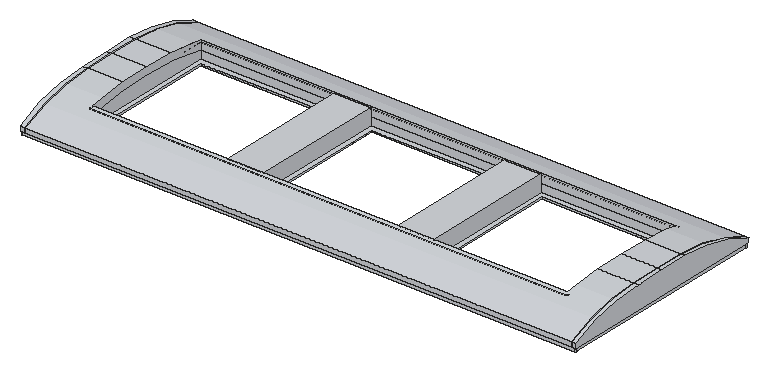
Revit family "Gira_021306", category Electrical Fixtures, host Face, Revit 2017
Family settings
  Host = Face
  Maintain Annotation Orientation = No
  Round Connector Dimension = Use Diameter
  Part Type = Normal
  Cut with Voids When Loaded = No
  Shared = No
  Room Calculation Point = No
Parameters (values of type "Abdeckrahmen 3f Zwischenr. AN Gira Event F Alu")
  Werkstoffgüte = "Thermoplast"
  Werkstoff = "Kunststoff"
  URL = "http://katalog.gira.de/de_DE/datenblatt.html?artikelnr=021306"
  Transparent = "No"
  Textfeld/Beschriftungsfläche = "No"
  Schutzart (IP) = "IP20"
  Region = "DE"
  Oberfläche = "sonstige"
  Name = "Abdeckrahmen 3f Zwischenr. AN Gira Event F Alu"
  Montagerichtung = "horizontal und vertikal"
  Mit Montagerahmen = "No"
  Mit Klappdeckel = "No"
  Manufacturer URL = "https://www.gira.de/"
  Keynote = "Event_Rahmen_3fach"
  HeinzeBIM = "https://bimportal.heinze.de/bim/abdeckrahmen-3f-zwischenr-an-gira-event-f-alu/6c206e92bb94403de46b9b1f09e1f386b4d53b2b"
  Halogenfrei = "Yes"
  HAN = "021306"
  Geeignet für Unterputz-Installation = "Yes"
  Geeignet für Unterflurkanaldose = "No"
  Geeignet für Geräteeinbaukanal = "No"
  Geeignet für Einbauinstallation = "No"
  GTIN = "4010337213062"
  Farbe = "aluminium"
  Default Elevation = 1219.2 mm
  Data sheet (1) = "https://katalog.gira.de/de_DE/download.html?artikelnr=021306"
  Category = "Abdeckrahmen"
  Befestigungsart = "Klemmbefestigung"
  Available = "Yes"
  Anzahl der Einheiten vertikal = "3 "
  Anzahl der Einheiten horizontal = "3 "
  Anzahl der Einheiten = "3 "
Reference planes
  plane 1 "Center (Front/Back)": y = 0
  plane 2: z = 0
  plane 3 "Center (Left/Right)": x = 0
Forms (mm)
  Extrusion 1, solid, detail levels fine
    sketch origin (0, 0, 0.05) x (0, 1, 0) y (0, 0, 1)
      loop
        arc (12.445, 9.683) -> (6.223, 9.833) -> (0, 9.85) r 291.636
        arc (0, 9.85) -> (-6.223, 9.833) -> (-12.445, 9.683) r 291.636
        arc (-12.445, 9.683) -> (-29.14, 7.482) -> (-45, 1.823) r 79.728
        line (-45, 1.823) -> (-45, -0.05) -> (-42.086, -0.05)
        arc (-42.086, -0.05) -> (-21.385, 5.559) -> (0, 7.206) r 114.424
        arc (0, 7.206) -> (21.385, 5.559) -> (42.086, -0.05) r 114.424
        line (42.086, -0.05) -> (45, -0.05) -> (45, 1.823)
        arc (45, 1.823) -> (29.14, 7.482) -> (12.445, 9.683) r 79.728
    from -114.3 to 114.3
  Extrusion 2, void, detail levels fine
    sketch origin (0, 0, 0) x (1, 0, 0) y (0, 1, 0)
      loop
        line (-99.355, -28.053) -> (99.355, -28.053) -> (99.355, 28.053) -> (-99.355, 28.053) -> (-99.355, -28.053)
    from 0.724 to 11
  Extrusion 3, solid, detail levels coarse
    sketch origin (0, 0, 0) x (1, 0, 0) y (0, 1, 0)
      loop
        line (-116.3, 45) -> (-116.3, -45) -> (116.3, -45) -> (116.3, 45) -> (-116.3, 45)
    from -1.5 to 9.9
  Extrusion 4, solid, detail levels medium
    sketch origin (0, 0, 0.05) x (0, 1, 0) y (0, 0, 1)
      loop
        arc (12.445, 9.683) -> (6.223, 9.833) -> (0, 9.85) r 291.636
        arc (0, 9.85) -> (-6.223, 9.833) -> (-12.445, 9.683) r 291.636
        arc (-12.445, 9.683) -> (-29.14, 7.482) -> (-45, 1.823) r 79.728
        line (-45, 1.823) -> (-45, -0.05) -> (45, -0.05) -> (45, 1.823)
        arc (45, 1.823) -> (29.14, 7.482) -> (12.445, 9.683) r 79.728
    from -116.3 to 116.3
  Extrusion 5, solid, detail levels fine
    sketch origin (-71.3, 0, -1.5) x (0, 1, 0) y (0, 0, -1)
      loop
        line (45, -3.373) -> (45, -1.5) -> (-45, -1.5) -> (-45, -3.373)
        arc (-45, -3.373) -> (-29.14, -9.032) -> (-12.445, -11.233) r 79.728
        arc (-12.445, -11.233) -> (-6.223, -11.383) -> (0, -11.4) r 291.636
        arc (0, -11.4) -> (6.223, -11.383) -> (12.445, -11.233) r 291.636
        arc (12.445, -11.233) -> (29.14, -9.032) -> (45, -3.373) r 79.728
    from 43 to 45
  Extrusion 6, solid, detail levels fine
    sketch origin (0, 0, 0) x (1, 0, 0) y (0, 1, 0)
      loop
        line (-97.195, 25.7) -> (-97.195, -25.7) -> (-45.395, -25.7) -> (-45.395, 25.7) -> (-97.195, 25.7)
      loop
        line (25.9, -25.7) -> (25.9, 25.7) -> (-25.9, 25.7) -> (-25.9, -25.7) -> (25.9, -25.7)
      loop
        line (-100.19, 28.49) -> (-100.19, -28.495)
        spline (-100.19, -28.495) -> (-100.181, -28.625) -> (-100.156, -28.754) -> (-100.113, -28.878) -> (-100.056, -28.995) -> (-99.983, -29.104) -> (-99.897, -29.202) -> (-99.798, -29.288) -> (-99.69, -29.361) -> (-99.572, -29.419) -> (-99.448, -29.461) -> (-99.32, -29.486) -> (-99.19, -29.495)
        line (-99.19, -29.495) -> (99.195, -29.495)
        spline (99.195, -29.495) -> (99.325, -29.486) -> (99.454, -29.461) -> (99.578, -29.419) -> (99.695, -29.361) -> (99.804, -29.288) -> (99.902, -29.202) -> (99.988, -29.104) -> (100.061, -28.995) -> (100.119, -28.878) -> (100.161, -28.754) -> (100.186, -28.625) -> (100.195, -28.495)
        line (100.195, -28.495) -> (100.195, 28.49)
        spline (100.195, 28.49) -> (100.186, 28.62) -> (100.161, 28.748) -> (100.119, 28.872) -> (100.061, 28.99) -> (99.988, 29.098) -> (99.902, 29.197) -> (99.804, 29.283) -> (99.695, 29.356) -> (99.578, 29.413) -> (99.454, 29.456) -> (99.325, 29.481) -> (99.195, 29.49)
        line (99.195, 29.49) -> (-99.19, 29.49)
        spline (-99.19, 29.49) -> (-99.32, 29.481) -> (-99.448, 29.456) -> (-99.572, 29.413) -> (-99.69, 29.356) -> (-99.798, 29.283) -> (-99.897, 29.197) -> (-99.983, 29.098) -> (-100.056, 28.99) -> (-100.113, 28.872) -> (-100.156, 28.748) -> (-100.181, 28.62) -> (-100.19, 28.49)
      loop
        line (97.2, -25.7) -> (97.2, 25.7) -> (45.4, 25.7) -> (45.4, -25.7) -> (97.2, -25.7)
    from 0.1 to 7.3
  Extrusion 7, solid
    sketch origin (0, 0, 0) x (1, 0, 0) y (0, 1, 0)
      loop
        arc (-116, -44.2) -> (-115.854, -44.554) -> (-115.5, -44.7) r 0.5
        line (-115.5, -44.7) -> (115.5, -44.7)
        arc (115.5, -44.7) -> (115.854, -44.554) -> (116, -44.2) r 0.5
        line (116, -44.2) -> (116, 44.2)
        arc (116, 44.2) -> (115.854, 44.554) -> (115.5, 44.7) r 0.5
        line (115.5, 44.7) -> (-115.5, 44.7)
        arc (-115.5, 44.7) -> (-115.854, 44.554) -> (-116, 44.2) r 0.5
        line (-116, 44.2) -> (-116, -44.2)
      loop
        line (-114.3, 43) -> (-114.3, -43) -> (114.3, -43) -> (114.3, 43) -> (-114.3, 43)
    from -1.5 to 0.5
  Extrusion 8, solid, detail levels fine
    sketch origin (71.3, 0, -1.5) x (0, 1, 0) y (0, 0, 1)
      loop
        arc (45, 3.373) -> (29.14, 9.032) -> (12.445, 11.233) r 79.728
        arc (12.445, 11.233) -> (6.223, 11.383) -> (0, 11.4) r 291.636
        arc (0, 11.4) -> (-6.223, 11.383) -> (-12.445, 11.233) r 291.636
        arc (-12.445, 11.233) -> (-29.14, 9.032) -> (-45, 3.373) r 79.728
        line (-45, 3.373) -> (-45, 1.5) -> (45, 1.5) -> (45, 3.373)
    from 43 to 45
  Extrusion 9, solid, detail levels medium
    sketch origin (0, 0, 0) x (1, 0, 0) y (0, 1, 0)
      loop
        line (-116, -44.7) -> (116, -44.7) -> (116, 44.7) -> (-116, 44.7) -> (-116, -44.7)
    from -1.5 to 0.5
  Extrusion 10, solid, detail levels fine
    sketch origin (-34.207, 0, 0) x (1, 0, 0) y (0, 1, 0)
      loop
        line (-8.943, 28.063) -> (-8.943, -27.937) -> (6.057, -27.937) -> (6.057, 28.063) -> (-8.943, 28.063)
    from 0.724 to 7.566
  Extrusion 11, solid, detail levels fine
    sketch origin (34.207, 0, 0) x (-1, 0, 0) y (0, -1, 0)
      loop
        line (-8.943, -28.063) -> (6.057, -28.063) -> (6.057, 27.937) -> (-8.943, 27.937) -> (-8.943, -28.063)
    from 0.724 to 7.566
Cuts and joins
  Extrusion 2 cuts Extrusion 1
  Extrusion 2 cuts Extrusion 6
Dimensions and locks
  aligned and locked: plane 2 to host face
  aligned and locked: level to host face
